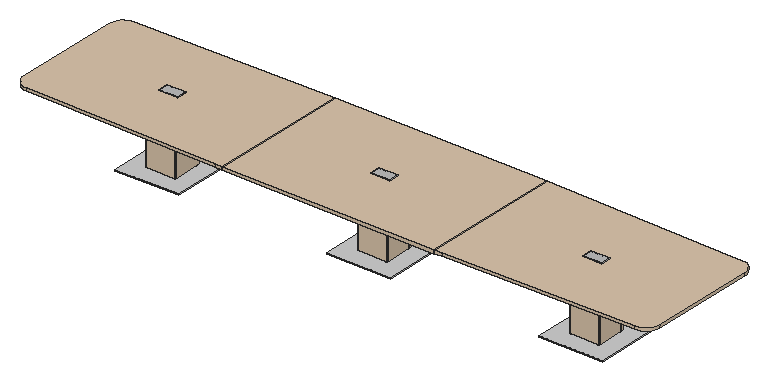
Revit family "Haworth_Planes_ColumnBaseConferenceTable_HexagonThreePiece", category Furniture Systems, Revit 2018
Family settings
  Round Connector Dimension = Use Diameter
  Part Type = Normal
  OmniClass Number = 23.40.70.14.64.21
  OmniClass Title = Systems Furniture
  Work Plane-Based = No
  Always vertical = Yes
  Cut with Voids When Loaded = No
  Shared = No
  Room Calculation Point = No
Parameters (values of type "270w 60d")
  Worksurface Finish [instance] = Haworth _ Laminate _ Maple H-AE
  Worksurface Edge Finish [instance] = Haworth _ Laminate _ Maple H-AE
  Width = 270"
  Warranty = "http://www.haworth.com/resources/product-info/warranties"
  URL - Product = "http://www.haworth.com/products/tables/conference/planes"
  Trim Finish = Haworth _ Laminate _ Maple H-AE
  Sustainability Info = "https://www.haworth.com/company-info/sustainability"
  Opening Single Wide = no
  Opening Single = not(or(Opening Single Wide, Opening Double, Opening Double Wide))  # yes
  Opening Left/Right = not(Opening Center)  # no
  Opening Double Wide = no
  Opening Double = no
  Opening Center = yes
  Model = "TARX"  # constant formula
  Min. Depth = 42"  # constant formula
  Max. Depth = 60"  # constant formula
  URL = "www.haworth.com"
  Support Height = Actual Height - Table Thickness  # 27 13/16"
  Size [instance] = "Verify Final Dim. w/ Haworth"  # constant formula
  Revision Number = "1"  # constant formula
  Min/Max Width = "186-270 @ 6 in. increments"  # constant formula
  Standard Height = "21, 29, 41 in."  # constant formula
  Min. Width = 186"  # constant formula
  Max. Width = 270"  # constant formula
  Min. Height = 21"  # constant formula
  Max. Height = 41"  # constant formula
  Manufacturer = "Haworth"  # constant formula
  Third Width = Actual Width / 6  # 45"
  Knife Edge = not(Edgeband)  # no
  Height = 29"
  Fliptop Width = Cutout Width + 1/4"  # 8 1/4"
  Fliptop Side Vis. = and(Flip Top, [Opening Left/Right])  # no
  Fliptop Depth = Cutout Depth + 3/8"  # 4 3/8"
  Fliptop Center Vis. = and(Flip Top, Opening Center)  # yes
  Flip Top Finish = Haworth _ Paint _ Metallic Champagne
  Flip Top = yes
  Edgeband = yes
  Description = "Haworth - Planes Column Base Conference Table - Hexagon Three Piece"  # constant formula
  Depth = 60"
  Cutout Width = if(or(Opening Single Wide, Opening Double Wide), 11", 8")  # 8"
  Cutout Side Offset = Actual Width / 12  # 22 1/2"
  Cutout Depth = if(or(Opening Double, Opening Double Wide), 7 11/16", 4")  # 4"
  Cutout = yes
  Custom Size = not(and(or(Depth = 42", Depth = 48", Depth = 54", Depth = 60"), or(Width = 186", Width = 192", Width = 198", Width = 204", Width = 210", Width = 216", Width = 222", Width = 228", Width = 234", Width = 240", Width = 246", Width = 252", Width = 258", Width = 264", Width = 270")))  # no
  Base Finish = Haworth _ Metal _ Brushed Aluminum
  Author = "Haworth (Alias)"  # constant formula
  Assembly Code = "E2020200"
  Actual Width = if(Width > Max. Width, Max. Width, if(Width < Min. Width, Min. Width, Width))  # 270"
  Actual Height = if(Height > Max. Height, Max. Height, if(Height < Min. Height, Min. Height, Height))  # 29"
  Table Thickness = 1 3/16"  # constant formula
  Standard Depths = "42, 48, 54, 60 in."  # constant formula
  Actual Depth = if(Depth > Max. Depth, Max. Depth, if(Depth < Min. Depth, Min. Depth, Depth))  # 60"
Reference planes (in)
  plane 1 "Center F/B": y = 8.84134
  plane 2 "Floor": z = 0
  plane 3 "Center L/R": x = 0
  plane 4 "Table Edge Left": x = -135
  plane 5 "Table Edge Right": x = 135
  plane 6 "Table Edge Back": y = -21.15866
  plane 7 "Table Edge Front": y = 38.84134
  plane 8 "Table Top": z = 29
  plane 9 "masking region": z = 27
  plane 10 "Left Middle Support": x = -90
  plane 11 "Right Middle Support": x = 90
  plane 12: z = 27.8125
  plane 13 "Left Seam": x = -45
  plane 14 "Right Seam": x = 45
  plane 15 "Fliptop Left 1": x = -112.5
  plane 16 "Fliptop Left2": x = -67.5
  plane 17 "Fliptop Left 3": x = -22.5
  plane 18 "Fliptop Right 3": x = 22.5
  plane 19 "Fliptop Right 2": x = 67.5
  plane 20 "Fliptop Right 1": x = 112.5
Dimensions and locks (in)
  "Actual Depth": plane 7 "Table Edge Front" to plane 6 "Table Edge Back"
  "Actual Width": plane 4 "Table Edge Left" to plane 5 "Table Edge Right"
  "Actual Height": plane 8 "Table Top" to level
  "Table Thickness": plane 8 "Table Top" to plane 12
  equal spacing: plane 4 "Table Edge Left", plane 10 "Left Middle Support", plane 13 "Left Seam", plane 3 "Center L/R", plane 14 "Right Seam", plane 11 "Right Middle Support", plane 5 "Table Edge Right"
  equal spacing: plane 7 "Table Edge Front", plane 1 "Center F/B", plane 6 "Table Edge Back"
  "Cutout Side Offset": plane 14 "Right Seam" to plane 19 "Fliptop Right 2"
  "Cutout Side Offset": plane 18 "Fliptop Right 3" to plane 14 "Right Seam"
  "Cutout Side Offset": plane 13 "Left Seam" to plane 17 "Fliptop Left 3"
  "Cutout Side Offset": plane 16 "Fliptop Left2" to plane 13 "Left Seam"
  "Cutout Side Offset": plane 4 "Table Edge Left" to plane 15 "Fliptop Left 1"
  "Cutout Side Offset": plane 20 "Fliptop Right 1" to plane 5 "Table Edge Right"
  aligned and locked: plane 20 "Fliptop Right 1" to nested 3
  aligned and locked: plane 1 "Center F/B" to nested 3
  aligned and locked: nested 2 to plane 11 "Right Middle Support"
  aligned and locked: plane 1 "Center F/B" to nested 2
  aligned and locked: nested 4 to plane 19 "Fliptop Right 2"
  aligned and locked: plane 1 "Center F/B" to nested 4
  aligned and locked: plane 1 "Center F/B" to nested 5
  aligned and locked: plane 18 "Fliptop Right 3" to nested 5
  aligned and locked: plane 3 "Center L/R" to nested 6
  aligned and locked: plane 1 "Center F/B" to nested 6
  aligned and locked: plane 17 "Fliptop Left 3" to nested 7
  aligned and locked: plane 1 "Center F/B" to nested 7
  aligned and locked: plane 16 "Fliptop Left2" to nested 8
  aligned and locked: plane 1 "Center F/B" to nested 8
  aligned and locked: plane 10 "Left Middle Support" to nested 9
  aligned and locked: plane 1 "Center F/B" to nested 9
  aligned and locked: nested 10 to plane 15 "Fliptop Left 1"
  aligned and locked: plane 1 "Center F/B" to nested 10
  aligned and locked: nested 1 to plane 3 "Center L/R"
  aligned and locked: plane 1 "Center F/B" to nested 1
  aligned and locked: nested 1 to plane 2 "Floor"
  aligned and locked: plane 2 "Floor" to nested 11
  aligned and locked: plane 2 "Floor" to nested 13
  aligned and locked: plane 2 "Floor" to nested 12
  aligned and locked: plane 1 "Center F/B" to nested 11
  aligned and locked: nested 11 to plane 11 "Right Middle Support"
  aligned and locked: plane 3 "Center L/R" to nested 12
  aligned and locked: plane 1 "Center F/B" to nested 12
  aligned and locked: plane 10 "Left Middle Support" to nested 13
  aligned and locked: plane 1 "Center F/B" to nested 13
Nested families (in)
  nested 1: "Haworth_Planes_Conference_Worksurface_HexagonThreePiece_Part" at (45, -6.15866, 0), type "Worksurface"
    with Opening Side Vis. no, Opening Left/Right no, Knife Edge no, Cutout Side Dimension 1"
  nested 2: "Haworth_Worksurface_FlipTop_Unit_Part" at (89.42963, 8.78886, 29), built-in parameter 1001364 <- "Actual Height", visible <- "Fliptop Center Vis.", type "Flip Top"
  nested 3: "Haworth_Worksurface_FlipTop_Unit_Part" at (111.92963, 8.78886, 29), built-in parameter 1001364 <- "Actual Height", visible <- "Fliptop Side Vis.", type "Flip Top"
  nested 4: "Haworth_Worksurface_FlipTop_Unit_Part" at (66.92963, 8.78886, 29), built-in parameter 1001364 <- "Actual Height", visible <- "Fliptop Side Vis.", type "Flip Top"
  nested 5: "Haworth_Worksurface_FlipTop_Unit_Part" at (21.92963, 8.78886, 29), built-in parameter 1001364 <- "Actual Height", visible <- "Fliptop Side Vis.", type "Flip Top"
  nested 6: "Haworth_Worksurface_FlipTop_Unit_Part" at (-0.57037, 8.78886, 29), built-in parameter 1001364 <- "Actual Height", visible <- "Fliptop Center Vis.", type "Flip Top"
  nested 7: "Haworth_Worksurface_FlipTop_Unit_Part" at (-23.07037, 8.78886, 29), built-in parameter 1001364 <- "Actual Height", visible <- "Fliptop Side Vis.", type "Flip Top"
  nested 8: "Haworth_Worksurface_FlipTop_Unit_Part" at (-68.07037, 8.78886, 29), built-in parameter 1001364 <- "Actual Height", visible <- "Fliptop Side Vis.", type "Flip Top"
  nested 9: "Haworth_Worksurface_FlipTop_Unit_Part" at (-90.57037, 8.78886, 29), built-in parameter 1001364 <- "Actual Height", visible <- "Fliptop Center Vis.", type "Flip Top"
  nested 10: "Haworth_Worksurface_FlipTop_Unit_Part" at (-113.07037, 8.78886, 29), built-in parameter 1001364 <- "Actual Height", visible <- "Fliptop Side Vis.", type "Flip Top"
  nested 11: "Haworth_Planes_ColumnBase_Part" at (90, 5.21634, 0), type "Square"
    with Actual Height 27 13/16"
  nested 12: "Haworth_Planes_ColumnBase_Part" at (0, 5.21634, 0), type "Square"
    with Actual Height 27 13/16"
  nested 13: "Haworth_Planes_ColumnBase_Part" at (-90, 5.21634, 0), type "Square"
    with Actual Height 27 13/16"
Definition of nested family "Haworth_Planes_Conference_Worksurface_HexagonThreePiece_Part"
  Parameters (values of type "Worksurface")
    Warranty = "https://www.haworth.com/resources/product-info/warranties"
    URL - Product = "https://www.haworth.com/products/tables/conference/planes"
    URL = "www.haworth.com"
    Table Thickness = 1 3/16"  # constant formula
    Table Finish = none
    Table Edge Finish = none
    Side Cutout Offset = Actual Width / 12  # 22 1/2"
    Revision Number = ""
    Opening Side Vis. = and(Cutout, [Opening Left/Right])  # yes
    Opening Left/Right = yes
    Opening Center Vis. = and(Cutout, Opening Center)  # yes
    Opening Center = yes
    Note = "Verify Final Dim. w/ Haworth"  # constant formula
    Model = "TARX"  # constant formula
    Manufacturer = "Haworth"  # constant formula
    Knife Edge = yes
    Edgeband = yes
    Description = "Haworth - Planes Conference Worksurface - Part"
    Cutout Width = 8"
    Cutout Side Dimension = if(and(Cutout, [Opening Left/Right]), 3", 1")  # 3"
    Cutout Center Dimension = if(and(Cutout, Opening Center), 3", 1")  # 3"
    Cutout Depth = 4"
    Cutout = yes
    Center Cutout Offset = Actual Width / 6  # 45"
    Author = "Haworth (Alias)"  # constant formula
    Assembly Code = ""
    Actual Width = 270"
    Actual Height = 29"
    Actual Depth = 60"
  Reference planes (in)
    plane 1 "Center F/B": y = 15
    plane 2 "Bottom": z = 0
    plane 3 "Right Flat": x = 0
    plane 4 "Table Front": y = 45
    plane 5 "Table Right": x = 90
    plane 6 "Table Left": x = -180
    plane 7 "Table Back": y = -15
    plane 8 "Table Top": z = 29
    plane 9 "Table Bottom": z = 27.8125
    plane 10 "Cutout Top": z = 30
    plane 11 "Cutout Center Bottom": z = 27
    plane 12 "KnifeEdge Middle": z = 28.625
    plane 13 "Cutout Center": x = -135
    plane 14 "Cutout Left 1": x = -157.5
    plane 15 "Cutout Left 2": x = -112.5
    plane 16 "Cutout Right 2": x = 22.5
    plane 17 "Cutout Center 2": x = 45
    plane 18 "Cutout Right 1": x = 67.5
    plane 19 "Cutout Side Bottom": z = 27
    plane 20 "Left Flat": x = -90
    plane 21 "Center L/R": x = -45
    plane 22 "Cutout Left 3": x = -67.5
    plane 23 "Cutout Right 3": x = -22.5
  Forms (in)
    Extrusion 1, solid, material <- "Table Finish", visible <- "Edgeband"
      sketch origin (0, 0, 0) x (1, 0, 0) y (0, 1, 0)
        loop
          line (90, -7.45259) -> (90, 37.45259)
          arc (90, 37.45259) -> (88.3202, 41.61623) -> (84.22137, 43.44851) r 6
          line (84.22137, 43.44851) -> (3.27451, 44.91058)
          arc (3.27451, 44.91058) -> (1.63787, 44.97764) -> (0, 45) r 60
          line (0, 45) -> (0, -15)
          arc (0, -15) -> (1.63787, -14.97764) -> (3.27451, -14.91058) r 60
          line (3.27451, -14.91058) -> (84.22137, -13.44851)
          arc (84.22137, -13.44851) -> (88.3202, -11.61623) -> (90, -7.45259) r 6
      from 27.8125 to 29
    Extrusion 2, void
      sketch origin (-90, 0, 29) x (-1, 0, 0) y (0, -1, 0)
        loop
          line (49, -17) -> (49, -13) -> (41, -13) -> (41, -17) -> (49, -17)
        loop
          line (-41, -17) -> (-41, -13) -> (-49, -13) -> (-49, -17) -> (-41, -17)
        loop
          line (-131, -17) -> (-131, -13) -> (-139, -13) -> (-139, -17) -> (-131, -17)
      from -2 to 1
    Extrusion 3, solid, material <- "Table Finish", visible <- "Knife Edge"
      sketch origin (0, 0, 0) x (1, 0, 0) y (0, 1, 0)
        loop
          line (90, -7.45259) -> (90, 37.45259)
          arc (90, 37.45259) -> (88.3202, 41.61623) -> (84.22137, 43.44851) r 6
          line (84.22137, 43.44851) -> (3.27451, 44.91058)
          arc (3.27451, 44.91058) -> (1.63787, 44.97764) -> (0, 45) r 60
          line (0, 45) -> (0, -15)
          arc (0, -15) -> (1.63787, -14.97764) -> (3.27451, -14.91058) r 60
          line (3.27451, -14.91058) -> (84.22137, -13.44851)
          arc (84.22137, -13.44851) -> (88.3202, -11.61623) -> (90, -7.45259) r 6
      from 28.625 to 29
    Blend 4, solid, material <- "Table Finish", visible <- "Knife Edge"
      base sketch origin (0, 0, 0) x (1, 0, 0) y (0, 1, 0)
        loop
          arc (0, -12.97661) -> (1.6121, -12.95419) -> (3.22295, -12.88695) r 57.97661
          line (3.22295, -12.88695) -> (84.29226, -11.44453)
          arc (84.29226, -11.44453) -> (86.92994, -10.17836) -> (88, -7.45522) r 4
          line (88, -7.45522) -> (88, 37.45522)
          arc (88, 37.45522) -> (86.92994, 40.17836) -> (84.29226, 41.44453) r 4
          line (84.29226, 41.44453) -> (3.22295, 42.88695)
          arc (3.22295, 42.88695) -> (1.6121, 42.95419) -> (0, 42.97661) r 57.97661
          line (0, 42.97661) -> (0, -12.97661)
      top sketch origin (0, 0, 0) x (1, 0, 0) y (0, 1, 0)
        loop
          arc (90, 37.45522) -> (88.3813, 41.55451) -> (84.3986, 43.44196) r 6
          line (84.3986, 43.44196) -> (3.27593, 44.9105)
          arc (3.27593, 44.9105) -> (1.63858, 44.97762) -> (0, 45) r 60
          line (0, 45) -> (0, -15)
          arc (0, -15) -> (1.63858, -14.97762) -> (3.27593, -14.9105) r 60
          line (3.27593, -14.9105) -> (84.3986, -13.44196)
          arc (84.3986, -13.44196) -> (88.3813, -11.55451) -> (90, -7.45522) r 6
          line (90, -7.45522) -> (90, 37.45522)
      from 27.8125 to 28.625
    Extrusion 5, void
      sketch origin (-90, 0, 0) x (1, 0, 0) y (0, 1, 0)
        loop
          line (-71.5, 17) -> (-71.5, 13) -> (-63.5, 13) -> (-63.5, 17) -> (-71.5, 17)
        loop
          line (-26.5, 17) -> (-26.5, 13) -> (-18.5, 13) -> (-18.5, 17) -> (-26.5, 17)
        loop
          line (18.5, 17) -> (18.5, 13) -> (26.5, 13) -> (26.5, 17) -> (18.5, 17)
        loop
          line (63.5, 17) -> (63.5, 13) -> (71.5, 13) -> (71.5, 17) -> (63.5, 17)
        loop
          line (108.5, 17) -> (108.5, 13) -> (116.5, 13) -> (116.5, 17) -> (108.5, 17)
        loop
          line (153.5, 17) -> (153.5, 13) -> (161.5, 13) -> (161.5, 17) -> (153.5, 17)
      from 27 to 30
    Extrusion 6, solid, material <- "Table Finish", visible <- "Knife Edge"
      sketch origin (-90, 0, 0) x (-1, 0, 0) y (0, -1, 0)
        loop
          arc (90, 7.45259) -> (88.3202, 11.61623) -> (84.22137, 13.44851) r 6
          line (84.22137, 13.44851) -> (3.27451, 14.91058)
          arc (3.27451, 14.91058) -> (1.63787, 14.97764) -> (0, 15) r 60
          line (0, 15) -> (0, -45)
          arc (0, -45) -> (1.63787, -44.97764) -> (3.27451, -44.91058) r 60
          line (3.27451, -44.91058) -> (84.22137, -43.44851)
          arc (84.22137, -43.44851) -> (88.3202, -41.61623) -> (90, -37.45259) r 6
          line (90, -37.45259) -> (90, 7.45259)
      from 28.625 to 29
    Extrusion 7, solid, material <- "Table Finish", visible <- "Edgeband"
      sketch origin (-90, 0, 0) x (-1, 0, 0) y (0, -1, 0)
        loop
          arc (90, 7.45259) -> (88.3202, 11.61623) -> (84.22137, 13.44851) r 6
          line (84.22137, 13.44851) -> (3.27451, 14.91058)
          arc (3.27451, 14.91058) -> (1.63787, 14.97764) -> (0, 15) r 60
          line (0, 15) -> (0, -45)
          arc (0, -45) -> (1.63787, -44.97764) -> (3.27451, -44.91058) r 60
          line (3.27451, -44.91058) -> (84.22137, -43.44851)
          arc (84.22137, -43.44851) -> (88.3202, -41.61623) -> (90, -37.45259) r 6
          line (90, -37.45259) -> (90, 7.45259)
      from 27.8125 to 29
    Blend 8, solid, material <- "Table Finish", visible <- "Knife Edge"
      base sketch origin (-90, 0, 0) x (-1, 0, 0) y (0, -1, 0)
        loop
          line (0, 12.97661) -> (0, -42.97661)
          arc (0, -42.97661) -> (1.6121, -42.95419) -> (3.22295, -42.88695) r 57.97661
          line (3.22295, -42.88695) -> (84.29226, -41.44453)
          arc (84.29226, -41.44453) -> (86.92994, -40.17836) -> (88, -37.45522) r 4
          line (88, -37.45522) -> (88, 7.45522)
          arc (88, 7.45522) -> (86.92994, 10.17836) -> (84.29226, 11.44453) r 4
          line (84.29226, 11.44453) -> (3.22295, 12.88695)
          arc (3.22295, 12.88695) -> (1.6121, 12.95419) -> (0, 12.97661) r 57.97661
      top sketch origin (-90, 0, 0) x (-1, 0, 0) y (0, -1, 0)
        loop
          line (90, -37.45522) -> (90, 7.45522)
          arc (90, 7.45522) -> (88.3813, 11.55451) -> (84.3986, 13.44196) r 6
          line (84.3986, 13.44196) -> (3.27593, 14.9105)
          arc (3.27593, 14.9105) -> (1.63858, 14.97762) -> (0, 15) r 60
          line (0, 15) -> (0, -45)
          arc (0, -45) -> (1.63858, -44.97762) -> (3.27593, -44.9105) r 60
          line (3.27593, -44.9105) -> (84.3986, -43.44196)
          arc (84.3986, -43.44196) -> (88.3813, -41.55451) -> (90, -37.45522) r 6
      from 27.8125 to 28.625
    Extrusion 9, solid, material <- "Table Finish", visible <- "Edgeband"
      sketch origin (0, 0, 0) x (1, 0, 0) y (0, 1, 0)
        loop
          line (-90, 45) -> (-90, -15) -> (0, -15) -> (0, 45) -> (-90, 45)
      from 27.8125 to 29
    Extrusion 10, solid, material <- "Table Finish", visible <- "Knife Edge"
      sketch origin (0, 0, 0) x (1, 0, 0) y (0, 1, 0)
        loop
          line (-90, 45) -> (-90, -15) -> (0, -15) -> (0, 45) -> (-90, 45)
      from 28.625 to 29
    Blend 11, solid, material <- "Table Finish", visible <- "Knife Edge"
      base sketch origin (0, 0, 0) x (1, 0, 0) y (0, 1, 0)
        loop
          line (-90, -13) -> (0, -13) -> (0, 43) -> (-90, 43) -> (-90, -13)
      top sketch origin (0, 0, 0) x (1, 0, 0) y (0, 1, 0)
        loop
          line (-90, 45) -> (-90, -15) -> (0, -15) -> (0, 45) -> (-90, 45)
      from 27.8125 to 28.625
  Cuts and joins
    Extrusion 2, Extrusion 5 cuts Extrusion 1
    Extrusion 2, Extrusion 5 cuts Extrusion 3
    Extrusion 2, Extrusion 5 cuts Blend 4
    Extrusion 2, Extrusion 5 cuts Extrusion 9
    Extrusion 2, Extrusion 5 cuts Extrusion 10
    Extrusion 2, Extrusion 5 cuts Blend 11
    Extrusion 2, Extrusion 5 cuts Extrusion 7
    Extrusion 2, Extrusion 5 cuts Extrusion 6
    Extrusion 2, Extrusion 5 cuts Blend 8
  Lines and regions (in)
    Masking region 1
      outline origin (0, 0, 0) x (1, 0, 0) y (0, 1, 0)
        loop
          arc (-174.22137, 43.44851) -> (-178.3202, 41.61623) -> (-180, 37.45259) r 6
          line (-180, 37.45259) -> (-180, -7.45259)
          arc (-180, -7.45259) -> (-178.3202, -11.61623) -> (-174.22137, -13.44851) r 6
          line (-174.22137, -13.44851) -> (-93.27451, -14.91058)
          arc (-93.27451, -14.91058) -> (-91.63787, -14.97764) -> (-90, -15) r 60
          line (-90, -15) -> (0, -15)
          arc (0, -15) -> (1.63787, -14.97764) -> (3.27451, -14.91058) r 60
          line (3.27451, -14.91058) -> (84.22137, -13.44851)
          arc (84.22137, -13.44851) -> (88.3202, -11.61623) -> (90, -7.45259) r 6
          line (90, -7.45259) -> (90, 37.45259)
          arc (90, 37.45259) -> (88.3202, 41.61623) -> (84.22137, 43.44851) r 6
          line (84.22137, 43.44851) -> (3.27451, 44.91058)
          arc (3.27451, 44.91058) -> (1.63787, 44.97764) -> (0, 45) r 60
          line (0, 45) -> (-90, 45)
          arc (-90, 45) -> (-91.63787, 44.97764) -> (-93.27451, 44.91058) r 60
          line (-93.27451, 44.91058) -> (-174.22137, 43.44851)
    symbolic lines
      curve 1: line (-90, 45, 0) -> (-90, -15, 0)
      curve 38: line (0, 45, 0) -> (0, -15, 0)
    symbolic lines, visible <- "Opening Side Vis."
      curve 2: line (-153.5, 17, 0) -> (-153.5, 13, 0)
      curve 3: line (-153.5, 13, 0) -> (-161.5, 13, 0)
      curve 4: line (-161.5, 13, 0) -> (-161.5, 17, 0)
      curve 5: line (-161.5, 17, 0) -> (-153.5, 17, 0)
      curve 10: line (-108.5, 13, 0) -> (-116.5, 13, 0)
      curve 11: line (-116.5, 13, 0) -> (-116.5, 17, 0)
      curve 12: line (-116.5, 17, 0) -> (-108.5, 17, 0)
      curve 13: line (-108.5, 17, 0) -> (-108.5, 13, 0)
      curve 14: line (-63.5, 13, 0) -> (-71.5, 13, 0)
      curve 15: line (-71.5, 13, 0) -> (-71.5, 17, 0)
      curve 16: line (-71.5, 17, 0) -> (-63.5, 17, 0)
      curve 17: line (-63.5, 17, 0) -> (-63.5, 13, 0)
      curve 22: line (-18.5, 13, 0) -> (-26.5, 13, 0)
      curve 23: line (-26.5, 13, 0) -> (-26.5, 17, 0)
      curve 24: line (-26.5, 17, 0) -> (-18.5, 17, 0)
      curve 25: line (-18.5, 17, 0) -> (-18.5, 13, 0)
      curve 26: line (26.5, 13, 0) -> (18.5, 13, 0)
      curve 27: line (18.5, 13, 0) -> (18.5, 17, 0)
      curve 28: line (18.5, 17, 0) -> (26.5, 17, 0)
      curve 29: line (26.5, 17, 0) -> (26.5, 13, 0)
      curve 34: line (71.5, 13, 0) -> (63.5, 13, 0)
      curve 35: line (63.5, 13, 0) -> (63.5, 17, 0)
      curve 36: line (63.5, 17, 0) -> (71.5, 17, 0)
      curve 37: line (71.5, 17, 0) -> (71.5, 13, 0)
    symbolic lines, visible <- "Opening Center Vis."
      curve 6: line (-131, 13, 0) -> (-139, 13, 0)
      curve 7: line (-139, 13, 0) -> (-139, 17, 0)
      curve 8: line (-139, 17, 0) -> (-131, 17, 0)
      curve 9: line (-131, 17, 0) -> (-131, 13, 0)
      curve 18: line (-41, 13, 0) -> (-49, 13, 0)
      curve 19: line (-49, 13, 0) -> (-49, 17, 0)
      curve 20: line (-49, 17, 0) -> (-41, 17, 0)
      curve 21: line (-41, 17, 0) -> (-41, 13, 0)
      curve 30: line (49, 13, 0) -> (41, 13, 0)
      curve 31: line (41, 13, 0) -> (41, 17, 0)
      curve 32: line (41, 17, 0) -> (49, 17, 0)
      curve 33: line (49, 17, 0) -> (49, 13, 0)
    symbolic lines, visible <- "Knife Edge", detail levels medium+fine
      curve 39: line (-178, -7.45522, 0) -> (-178, 37.45522, 0)
      curve 40: arc (-178, 37.45522, 0) -> (-176.92994, 40.17836, 0) -> (-174.29226, 41.44453, 0) r 4
      curve 41: line (-174.29226, 41.44453, 0) -> (-93.22295, 42.88695, 0)
      curve 42: arc (-93.22295, 42.88695, 0) -> (-91.6121, 42.95419, 0) -> (-90, 42.97661, 0) r 57.97661
      curve 43: arc (-90, -12.97661, 0) -> (-91.6121, -12.95419, 0) -> (-93.22295, -12.88695, 0) r 57.97661
      curve 44: line (-93.22295, -12.88695, 0) -> (-174.29226, -11.44453, 0)
      curve 45: arc (-174.29226, -11.44453, 0) -> (-176.92994, -10.17836, 0) -> (-178, -7.45522, 0) r 4
      curve 46: line (-90, 43, 0) -> (0, 43, 0)
      curve 47: line (0, -13, 0) -> (-90, -13, 0)
      curve 48: arc (88, -7.45522, 0) -> (86.92994, -10.17836, 0) -> (84.29226, -11.44453, 0) r 4
      curve 49: line (84.29226, -11.44453, 0) -> (3.22295, -12.88695, 0)
      curve 50: arc (3.22295, -12.88695, 0) -> (1.6121, -12.95419, 0) -> (0, -12.97661, 0) r 57.97661
      curve 51: arc (0, 42.97661, 0) -> (1.6121, 42.95419, 0) -> (3.22295, 42.88695, 0) r 57.97661
      curve 52: line (3.22295, 42.88695, 0) -> (84.29226, 41.44453, 0)
      curve 53: arc (84.29226, 41.44453, 0) -> (86.92994, 40.17836, 0) -> (88, 37.45522, 0) r 4
      curve 54: line (88, 37.45522, 0) -> (88, -7.45522, 0)
  Dimensions and locks (in)
    "Actual Depth": plane 7 "Table Back" to plane 4 "Table Front"
    equal spacing: plane 4 "Table Front", plane 1 "Center F/B", plane 7 "Table Back"
    "Table Thickness": plane 8 "Table Top" to plane 9 "Table Bottom"
    "Actual Height": plane 8 "Table Top" to level
    "Cutout Center Dimension": plane 10 "Cutout Top" to plane 11 "Cutout Center Bottom"
    locked: plane 10 "Cutout Top" to plane 8 "Table Top" at 1
    locked: plane 8 "Table Top" to plane 12 "KnifeEdge Middle" at 0.375
    "Actual Depth": plane 7 "Table Back" to Extrusion 1 sketch curve
    "Actual Depth": plane 4 "Table Front" to Extrusion 1 sketch curve
    "Actual Depth": plane 7 "Table Back" to Extrusion 3 sketch curve
    "Actual Depth": plane 4 "Table Front" to Extrusion 3 sketch curve
    locked: Blend 4 sketch curve to plane 5 "Table Right" at 2
    "Actual Depth": plane 7 "Table Back" to Blend 4 sketch curve  (x2)
    "Actual Depth": plane 4 "Table Front" to Blend 4 sketch curve  (x2)
    "Cutout Width": Extrusion 2 sketch curve to Extrusion 2 sketch curve  (x3)
    "Cutout Depth": Extrusion 2 sketch curve to Extrusion 2 sketch curve  (x3)
    equal spacing: Extrusion 2 sketch curve, plane 1 "Center F/B", Extrusion 2 sketch curve  (x3)
    equal spacing: Extrusion 2 sketch curve, plane 13 "Cutout Center", Extrusion 2 sketch curve
    "Center Cutout Offset": plane 3 "Right Flat" to plane 17 "Cutout Center 2"
    "Side Cutout Offset": plane 3 "Right Flat" to plane 16 "Cutout Right 2"
    "Side Cutout Offset": plane 18 "Cutout Right 1" to plane 5 "Table Right"
    "Cutout Side Dimension": plane 10 "Cutout Top" to plane 19 "Cutout Side Bottom"
    equal spacing: Extrusion 5 sketch curve, plane 1 "Center F/B", Extrusion 5 sketch curve  (x6)
    "Cutout Depth": Extrusion 5 sketch curve to Extrusion 5 sketch curve  (x6)
    equal spacing: Extrusion 5 sketch curve, plane 14 "Cutout Left 1", Extrusion 5 sketch curve
    "Cutout Width": Extrusion 5 sketch curve to Extrusion 5 sketch curve  (x6)
    equal spacing: Extrusion 5 sketch curve, plane 15 "Cutout Left 2", Extrusion 5 sketch curve
    equal spacing: plane 6 "Table Left", plane 20 "Left Flat", plane 3 "Right Flat", plane 5 "Table Right"
    equal spacing: plane 6 "Table Left", plane 21 "Center L/R", plane 5 "Table Right"
    "Actual Width": plane 6 "Table Left" to plane 5 "Table Right"
    "Actual Depth": plane 4 "Table Front" to Extrusion 6 sketch curve
    "Actual Depth": plane 7 "Table Back" to Extrusion 6 sketch curve
    "Actual Depth": plane 4 "Table Front" to Extrusion 7 sketch curve
    "Actual Depth": plane 7 "Table Back" to Extrusion 7 sketch curve
    "Actual Depth": plane 4 "Table Front" to Blend 8 sketch curve  (x2)
    "Actual Depth": plane 7 "Table Back" to Blend 8 sketch curve  (x2)
    locked: plane 6 "Table Left" to Blend 8 sketch curve at 2
    locked: plane 7 "Table Back" to Blend 11 sketch curve at 2
    locked: plane 4 "Table Front" to Blend 11 sketch curve at 2
    "Center Cutout Offset": plane 13 "Cutout Center" to plane 20 "Left Flat"
    "Side Cutout Offset": plane 15 "Cutout Left 2" to plane 20 "Left Flat"
    "Side Cutout Offset": plane 6 "Table Left" to plane 14 "Cutout Left 1"
    "Side Cutout Offset": plane 23 "Cutout Right 3" to plane 3 "Right Flat"
    "Side Cutout Offset": plane 20 "Left Flat" to plane 22 "Cutout Left 3"
    equal spacing: Extrusion 5 sketch curve, plane 22 "Cutout Left 3", Extrusion 5 sketch curve
    equal spacing: Extrusion 5 sketch curve, plane 23 "Cutout Right 3", Extrusion 5 sketch curve
    equal spacing: Extrusion 5 sketch curve, plane 16 "Cutout Right 2", Extrusion 5 sketch curve
    equal spacing: Extrusion 5 sketch curve, plane 18 "Cutout Right 1", Extrusion 5 sketch curve
    equal spacing: Extrusion 2 sketch curve, plane 21 "Center L/R", Extrusion 2 sketch curve
    equal spacing: Extrusion 2 sketch curve, plane 17 "Cutout Center 2", Extrusion 2 sketch curve
    "Actual Depth": plane 4 "Table Front" to Masking region 1 sketch curve  (x2)
    "Actual Depth": plane 7 "Table Back" to Masking region 1 sketch curve  (x2)
    aligned and locked: plane 8 "Table Top" to Extrusion 1
    aligned and locked: Extrusion 1 to plane 9 "Table Bottom"
    aligned and locked: Extrusion 1 sketch curve to plane 5 "Table Right"
    aligned and locked: Extrusion 2 to plane 11 "Cutout Center Bottom"
    aligned and locked: Extrusion 2 to plane 10 "Cutout Top"
    aligned and locked: Extrusion 3 sketch curve to plane 5 "Table Right"
    aligned and locked: plane 8 "Table Top" to Extrusion 3
    aligned and locked: plane 12 "KnifeEdge Middle" to Extrusion 3
    aligned and locked: Blend 4 sketch curve to plane 5 "Table Right"
    aligned and locked: Blend 4 to plane 12 "KnifeEdge Middle"
    aligned and locked: Blend 4 to plane 9 "Table Bottom"
    aligned and locked: Extrusion 1 sketch curve to plane 3 "Right Flat"
    aligned and locked: Extrusion 3 sketch curve to plane 3 "Right Flat"
    aligned and locked: Blend 4 sketch curve to plane 3 "Right Flat"  (x2)
    aligned and locked: Extrusion 5 to plane 10 "Cutout Top"
    aligned and locked: Extrusion 5 to plane 19 "Cutout Side Bottom"
    aligned and locked: plane 6 "Table Left" to Extrusion 6 sketch curve
    aligned and locked: plane 20 "Left Flat" to Extrusion 6 sketch curve
    aligned and locked: plane 6 "Table Left" to Extrusion 7 sketch curve
    aligned and locked: plane 20 "Left Flat" to Extrusion 7 sketch curve
    aligned and locked: plane 20 "Left Flat" to Blend 8 sketch curve  (x2)
    aligned and locked: plane 6 "Table Left" to Blend 8 sketch curve
    aligned and locked: Extrusion 9 sketch curve to plane 7 "Table Back"
    aligned and locked: Extrusion 9 sketch curve to plane 4 "Table Front"
    aligned and locked: Extrusion 9 sketch curve to plane 20 "Left Flat"
    aligned and locked: Extrusion 9 sketch curve to plane 3 "Right Flat"
    aligned and locked: plane 8 "Table Top" to Extrusion 9
    aligned and locked: Extrusion 9 to plane 9 "Table Bottom"
    aligned and locked: Extrusion 10 sketch curve to plane 3 "Right Flat"
    aligned and locked: Extrusion 10 sketch curve to plane 20 "Left Flat"
    aligned and locked: Extrusion 10 sketch curve to plane 4 "Table Front"
    aligned and locked: Extrusion 10 sketch curve to plane 7 "Table Back"
    aligned and locked: plane 8 "Table Top" to Extrusion 10
    aligned and locked: plane 12 "KnifeEdge Middle" to Extrusion 10
    aligned and locked: Blend 11 sketch curve to plane 20 "Left Flat"  (x2)
    aligned and locked: Blend 11 sketch curve to plane 3 "Right Flat"  (x2)
    aligned and locked: Blend 11 sketch curve to plane 7 "Table Back"
    aligned and locked: Blend 11 sketch curve to plane 4 "Table Front"
    aligned and locked: Blend 11 to plane 12 "KnifeEdge Middle"
    aligned and locked: Blend 11 to plane 9 "Table Bottom"
    aligned and locked: Extrusion 7 to Blend 8
    aligned and locked: plane 8 "Table Top" to Extrusion 7
    aligned and locked: Extrusion 7 to plane 9 "Table Bottom"
    aligned and locked: plane 8 "Table Top" to Extrusion 6
    aligned and locked: plane 12 "KnifeEdge Middle" to Extrusion 6
    aligned and locked: Blend 8 to plane 12 "KnifeEdge Middle"
    aligned and locked: Blend 8 to plane 9 "Table Bottom"
    aligned and locked: curve 2 to cut or joined group of Extrusion 2, Extrusion 5, Extrusion 7
    aligned and locked: curve 3 to cut or joined group of Extrusion 2, Extrusion 5, Extrusion 7
    aligned and locked: curve 4 to cut or joined group of Extrusion 2, Extrusion 5, Extrusion 7
    aligned and locked: curve 5 to cut or joined group of Extrusion 2, Extrusion 5, Extrusion 7
    aligned and locked: curve 6 to cut or joined group of Extrusion 2, Extrusion 5, Extrusion 6
    aligned and locked: curve 7 to cut or joined group of Extrusion 2, Extrusion 5, Extrusion 6
    aligned and locked: curve 8 to cut or joined group of Extrusion 2, Extrusion 5, Extrusion 6
    aligned and locked: curve 9 to cut or joined group of Extrusion 2, Extrusion 5, Extrusion 6
    aligned and locked: curve 10 to cut or joined group of Extrusion 2, Extrusion 5, Extrusion 6
    aligned and locked: curve 11 to cut or joined group of Extrusion 2, Extrusion 5, Extrusion 6
    aligned and locked: curve 12 to cut or joined group of Extrusion 2, Extrusion 5, Extrusion 6
    aligned and locked: curve 13 to cut or joined group of Extrusion 2, Extrusion 5, Extrusion 6
    aligned and locked: curve 14 to cut or joined group of Extrusion 2, Extrusion 5, Extrusion 10
    aligned and locked: curve 15 to cut or joined group of Extrusion 2, Extrusion 5, Extrusion 10
    aligned and locked: curve 16 to cut or joined group of Extrusion 2, Extrusion 5, Extrusion 10
    aligned and locked: curve 17 to cut or joined group of Extrusion 2, Extrusion 5, Extrusion 10
    aligned and locked: curve 18 to cut or joined group of Extrusion 2, Extrusion 5, Extrusion 10
    aligned and locked: curve 19 to cut or joined group of Extrusion 2, Extrusion 5, Extrusion 10
    aligned and locked: curve 20 to cut or joined group of Extrusion 2, Extrusion 5, Extrusion 10
    aligned and locked: curve 21 to cut or joined group of Extrusion 2, Extrusion 5, Extrusion 10
    aligned and locked: curve 22 to cut or joined group of Extrusion 2, Extrusion 5, Extrusion 10
    aligned and locked: curve 23 to cut or joined group of Extrusion 2, Extrusion 5, Extrusion 10
    aligned and locked: curve 24 to cut or joined group of Extrusion 2, Extrusion 5, Extrusion 10
    aligned and locked: curve 25 to cut or joined group of Extrusion 2, Extrusion 5, Extrusion 10
    aligned and locked: curve 26 to cut or joined group of Extrusion 2, Extrusion 3, Extrusion 5
    aligned and locked: curve 27 to cut or joined group of Extrusion 2, Extrusion 3, Extrusion 5
    aligned and locked: curve 28 to cut or joined group of Extrusion 2, Extrusion 3, Extrusion 5
    aligned and locked: curve 29 to cut or joined group of Extrusion 2, Extrusion 3, Extrusion 5
    aligned and locked: curve 30 to cut or joined group of Extrusion 2, Extrusion 3, Extrusion 5
    aligned and locked: curve 31 to cut or joined group of Extrusion 2, Extrusion 3, Extrusion 5
    aligned and locked: curve 32 to cut or joined group of Extrusion 2, Extrusion 3, Extrusion 5
    aligned and locked: curve 33 to cut or joined group of Extrusion 2, Extrusion 3, Extrusion 5
    aligned and locked: curve 34 to cut or joined group of Extrusion 2, Extrusion 3, Extrusion 5
    aligned and locked: curve 35 to cut or joined group of Extrusion 2, Extrusion 3, Extrusion 5
    aligned and locked: curve 36 to cut or joined group of Extrusion 2, Extrusion 3, Extrusion 5
    aligned and locked: curve 37 to cut or joined group of Extrusion 2, Extrusion 3, Extrusion 5
    aligned and locked: cut or joined group of Extrusion 2, Extrusion 5, Blend 8 to plane 20 "Left Flat"
    aligned and locked: plane 7 "Table Back" to Masking region 1 sketch curve
    aligned and locked: Masking region 1 sketch curve to plane 4 "Table Front"
    aligned and locked: Masking region 1 sketch curve to plane 6 "Table Left"
    aligned and locked: Masking region 1 sketch curve to plane 5 "Table Right"
    aligned and locked: plane 3 "Right Flat" to cut or joined group of Extrusion 2, Extrusion 5, Extrusion 10
    aligned and locked: curve 38 to plane 3 "Right Flat"
    aligned and locked: plane 20 "Left Flat" to curve 1
    aligned and locked: curve 40 to cut or joined group of Extrusion 2, Extrusion 5, Blend 8
    aligned and locked: curve 41 to cut or joined group of Extrusion 2, Extrusion 5, Blend 8
    aligned and locked: curve 42 to cut or joined group of Extrusion 2, Extrusion 5, Blend 8
    aligned and locked: curve 43 to cut or joined group of Extrusion 2, Extrusion 5, Blend 8
    aligned and locked: curve 44 to cut or joined group of Extrusion 2, Extrusion 5, Blend 8
    aligned and locked: curve 45 to cut or joined group of Extrusion 2, Extrusion 5, Blend 8
    aligned and locked: curve 46 to cut or joined group of Extrusion 2, Extrusion 5, Blend 11
    aligned and locked: curve 47 to cut or joined group of Extrusion 2, Extrusion 5, Blend 11
    aligned and locked: curve 48 to cut or joined group of Extrusion 2, Blend 4, Extrusion 5
    aligned and locked: curve 49 to cut or joined group of Extrusion 2, Blend 4, Extrusion 5
    aligned and locked: curve 50 to cut or joined group of Extrusion 2, Blend 4, Extrusion 5
    aligned and locked: curve 51 to cut or joined group of Extrusion 2, Blend 4, Extrusion 5
    aligned and locked: curve 52 to cut or joined group of Extrusion 2, Blend 4, Extrusion 5
    aligned and locked: curve 53 to cut or joined group of Extrusion 2, Blend 4, Extrusion 5
  Automatic sketch dimensions
    plane 7 "Table Back" to Extrusion 1 sketch curve = 0"
    Extrusion 1 sketch curve to plane 4 "Table Front" = 0"
    Extrusion 1 sketch curve to plane 7 "Table Back" = 0.08942"
    Extrusion 1 sketch curve to plane 4 "Table Front" = 0.08942"
    plane 5 "Table Right" to Extrusion 1 sketch curve = 6"  (x2)
    Extrusion 1 sketch curve to plane 4 "Table Front" = 1.55149"
    plane 5 "Table Right" to Extrusion 1 sketch curve = 5.77863"  (x2)
    Extrusion 1 sketch curve to plane 7 "Table Back" = 1.55149"
    plane 7 "Table Back" to Extrusion 3 sketch curve = 0"
    Extrusion 3 sketch curve to plane 4 "Table Front" = 0"
    Extrusion 3 sketch curve to plane 7 "Table Back" = 0.08942"
    Extrusion 3 sketch curve to plane 4 "Table Front" = 0.08942"
    Extrusion 3 sketch curve to Extrusion 3 sketch curve = 6"  (x2)
    Extrusion 3 sketch curve to plane 4 "Table Front" = 1.55149"
    plane 5 "Table Right" to Extrusion 3 sketch curve = 5.77863"  (x2)
    Extrusion 3 sketch curve to plane 7 "Table Back" = 1.55149"
    plane 3 "Right Flat" to Blend 4 sketch curve = 3.22295"  (x2)
    Blend 4 sketch curve to Blend 4 sketch curve = 4"  (x2)
    Blend 4 sketch curve to Blend 4 sketch curve = 0.29226"  (x2)
    Blend 4 sketch curve to plane 7 "Table Back" = 2.02339"
    Blend 4 sketch curve to plane 7 "Table Back" = 3.55547"
    Blend 4 sketch curve to plane 4 "Table Front" = 7.54478"
    Blend 4 sketch curve to plane 4 "Table Front" = 2.11305"
    plane 7 "Table Back" to Blend 4 sketch curve = 0"
    Blend 4 sketch curve to plane 4 "Table Front" = 0"
    Blend 4 sketch curve to plane 7 "Table Back" = 0.0895"
    Blend 4 sketch curve to plane 4 "Table Front" = 0.0895"
    Blend 4 sketch curve to Blend 4 sketch curve = 6"  (x2)
    Blend 4 sketch curve to plane 7 "Table Back" = 1.55804"
    plane 5 "Table Right" to Blend 4 sketch curve = 5.6014"  (x2)
    Blend 4 sketch curve to plane 4 "Table Front" = 1.55804"
    plane 7 "Table Back" to Extrusion 6 sketch curve = 0"
    Extrusion 6 sketch curve to plane 4 "Table Front" = 0"
    plane 7 "Table Back" to Extrusion 6 sketch curve = 0.08942"
    plane 4 "Table Front" to Extrusion 6 sketch curve = 0.08942"
    Extrusion 6 sketch curve to Extrusion 6 sketch curve = 6"  (x2)
    plane 4 "Table Front" to Extrusion 6 sketch curve = 1.55149"
    Extrusion 6 sketch curve to plane 6 "Table Left" = 5.77863"  (x2)
    plane 7 "Table Back" to Extrusion 6 sketch curve = 1.55149"
    plane 7 "Table Back" to Extrusion 7 sketch curve = 0"
    Extrusion 7 sketch curve to plane 4 "Table Front" = 0"
    plane 7 "Table Back" to Extrusion 7 sketch curve = 0.08942"
    plane 4 "Table Front" to Extrusion 7 sketch curve = 0.08942"
    Extrusion 7 sketch curve to plane 6 "Table Left" = 6"  (x2)
    plane 4 "Table Front" to Extrusion 7 sketch curve = 1.55149"
    Extrusion 7 sketch curve to plane 6 "Table Left" = 5.77863"  (x2)
    plane 7 "Table Back" to Extrusion 7 sketch curve = 1.55149"
    Blend 8 sketch curve to plane 20 "Left Flat" = 3.22295"  (x2)
    Blend 8 sketch curve to plane 6 "Table Left" = 6"  (x2)
    Blend 8 sketch curve to Blend 8 sketch curve = 0.29226"  (x2)
    plane 7 "Table Back" to Blend 8 sketch curve = 3.55547"
    plane 7 "Table Back" to Blend 8 sketch curve = 2.02339"
    plane 4 "Table Front" to Blend 8 sketch curve = 7.54478"
    plane 4 "Table Front" to Blend 8 sketch curve = 2.11305"
    plane 7 "Table Back" to Blend 8 sketch curve = 0"
    Blend 8 sketch curve to plane 4 "Table Front" = 0"
    plane 7 "Table Back" to Blend 8 sketch curve = 0.0895"
    plane 4 "Table Front" to Blend 8 sketch curve = 0.0895"
    Blend 8 sketch curve to Blend 8 sketch curve = 6"  (x2)
    plane 7 "Table Back" to Blend 8 sketch curve = 1.55804"
    Blend 8 sketch curve to plane 6 "Table Left" = 5.6014"  (x2)
    plane 4 "Table Front" to Blend 8 sketch curve = 1.55804"
    Masking region 1 sketch curve to plane 20 "Left Flat" = 0"  (x2)
    Masking region 1 sketch curve to plane 3 "Right Flat" = 0"  (x2)
    Masking region 1 sketch curve to plane 4 "Table Front" = 1.55149"  (x2)
    plane 6 "Table Left" to Masking region 1 sketch curve = 5.77863"  (x2)
    Masking region 1 sketch curve to plane 7 "Table Back" = 1.55149"  (x2)
    Masking region 1 sketch curve to Masking region 1 sketch curve = 0.22137"  (x2)
    Masking region 1 sketch curve to plane 7 "Table Back" = 0.08942"  (x2)
    Masking region 1 sketch curve to plane 4 "Table Front" = 0.08942"  (x2)
    Masking region 1 sketch curve to Masking region 1 sketch curve = 6"  (x2)
    plane 5 "Table Right" to Masking region 1 sketch curve = 5.77863"  (x2)
    plane 7 "Table Back" to curve 1 = 0"
    plane 7 "Table Back" to curve 38 = 0"
    curve 1 to plane 4 "Table Front" = 0"
    curve 38 to plane 4 "Table Front" = 0"
Definition of nested family "Haworth_Worksurface_FlipTop_Unit_Part"
  Parameters (values of type "Flip Top")
    Warranty = "https://www.haworth.com/resources/product-info/warranties"
    URL - Product = "https://www.haworth.com/products/tables/conference/planes"
    URL = "www.haworth.com"
    Sustainability Info = "https://www.haworth.com/company-info/sustainability"
    Size = "Verify Final Dim. w/ Haworth"  # constant formula
    Revision Number = "2"  # constant formula
    Model = "Haworth_Worksurface-Flip_Top_Unit"  # constant formula
    Manufacturer = "Haworth"  # constant formula
    LEED Data = "www.haworth.com/_layouts/Haworth.ProductCatalog/Handlers/GetAsset.ashx/ComposeLEEDContributions.pdf?cid=27&rid=1824&type=Leed"
    Flip Top Finish = none
    Description = "Haworth Worksurface-Flip Top Unit - Part"
    Default Elevation = 48"
    Author = "Haworth (Alias), SHAPE Environments, LLC"  # constant formula
    Assembly Code = "E2020200"
    Actual Width = 8 1/4"
    Actual Depth = 4 3/8"
  Reference planes (in)
    plane 1 "Center F/B": y = 0.05249
    plane 2: z = 0
    plane 3 "Center L/R": x = 0.57037
    plane 4 "Back": y = 2.23999
    plane 5 "Right": x = 4.69537
    plane 6 "Front": y = -2.13501
    plane 7 "Left": x = -3.55463
    plane 8 "Table Height": z = 0
  Forms (in)
    Extrusion 1, solid, material <- "Flip Top Finish"
      sketch origin (0, 0, 0) x (-1, 0, 0) y (0, -1, 0)
        loop
          line (3.55463, -2.23999) -> (3.55463, 2.13501) -> (-4.69537, 2.13501) -> (-4.69537, -2.23999) -> (3.55463, -2.23999)
      from 0 to 0.125
    Extrusion 2, solid, material <- "Flip Top Finish"
      sketch origin (0, 0, 0) x (-1, 0, 0) y (0, -1, 0)
        loop
          line (3.42963, -2.05249) -> (3.42963, 1.94751) -> (-4.57037, 1.94751) -> (-4.57037, -2.05249) -> (3.42963, -2.05249)
      from 0 to -2.75
  Cuts and joins
    joined: Extrusion 1, Extrusion 2
  Lines and regions (in)
    Masking region 1
      outline origin (0, 0, 0) x (1, 0, 0) y (0, 1, 0)
        loop
          line (-3.55463, 2.23999) -> (-3.55463, -2.13501) -> (4.69537, -2.13501) -> (4.69537, 2.23999) -> (-3.55463, 2.23999)
  Dimensions and locks (in)
    equal spacing: plane 7 "Left", plane 3 "Center L/R", plane 5 "Right"
    "Actual Width": plane 7 "Left" to plane 5 "Right"
    equal spacing: plane 6 "Front", plane 1 "Center F/B", plane 4 "Back"
    "Actual Depth": plane 4 "Back" to plane 6 "Front"
    plane 7 "Left" to Extrusion 2 sketch curve = 1/8"
    plane 4 "Back" to Extrusion 2 sketch curve = 3/16"
    Extrusion 2 sketch curve to plane 5 "Right" = 1/8"
    Extrusion 2 sketch curve to plane 6 "Front" = 3/16"
    locked: plane 8 "Table Height" to level
    aligned and locked: plane 7 "Left" to Extrusion 1 sketch curve
    aligned and locked: Extrusion 1 sketch curve to plane 4 "Back"
    aligned and locked: plane 6 "Front" to Extrusion 1 sketch curve
    aligned and locked: Extrusion 1 sketch curve to plane 5 "Right"
    aligned and locked: Masking region 1 sketch curve to cut or joined group of Extrusion 1, Extrusion 2  (x3)
    aligned and locked: cut or joined group of Extrusion 1, Extrusion 2 to Masking region 1 sketch curve
Definition of nested family "Haworth_Planes_ColumnBase_Part"
  Parameters (values of type "Square")
    Warranty = "http://www.haworth.com/resources/product-info/warranties"
    URL - Product = "http://www.haworth.com/products/tables/conference/planes"
    URL = "www.haworth.com"
    Trim Finish = none
    Top Gap = 1 1/2"  # constant formula
    Sustainability Info = "http://www.haworth.com/company-info/sustainablility"
    Support Finish = none
    Size = "Verify Final Dim. w/ Haworth"  # constant formula
    Revision Number = "2"  # constant formula
    Model = "Haworth - Planes - Enhanced Column Base - LIMITED"  # constant formula
    Min. Height = 27"  # constant formula
    Max. Height = 36"  # constant formula
    Manufacturer = "Haworth"  # constant formula
    Description = "Haworth - Planes - Enhanced Column Base - LIMITED"  # constant formula
    Column Frame Width 9 = no
    Column Frame Width 12 = yes
    Cladding Thickness = 1/8"  # constant formula
    Cladding Square = yes
    Cladding Round = no
    Cladding Radius = 8 1/2"  # constant formula
    Base Plate Square = yes
    Base Plate Round = no
    Base Plate Radius = 15"  # constant formula
    Base Height Offset = 3/8"  # constant formula
    Base Finish = none
    Base Depth Offset = 7 1/8"  # constant formula
    Author = "Haworth (Hampton)"  # constant formula
    Assembly Code = "E2020200"
    Actual Width = 12 3/4"  # constant formula
    Actual Height = 27 3/16"
    Actual Depth = 12 3/4"  # constant formula
  Types (2): name | Cladding Square | Cladding Round | Base Plate Square | Base Plate Round
    Square | yes | no | yes | no
    Round | no | yes | no | yes
  Reference planes (in)
    plane 1 "Center F/B": y = 3.625
    plane 2 "Bottom": z = 0
    plane 3 "Center L/R": x = 0
    plane 4 "Left": x = -6.375
    plane 5 "Right": x = 6.375
    plane 6 "Front": y = -2.75
    plane 7 "Top": z = 27.1875
    plane 8 "Back": y = 10
    plane 9: y = 9.25
    plane 10: x = 5.625
    plane 11: x = -5.625
    plane 12: y = -2
    plane 13 "Panel Top": z = 25.6875
    plane 14 "Base Plate Top": z = 0.375
    plane 15 "Panel Bottom": z = 0.75
    plane 16: x = -6.25
    plane 17: x = 6.25
    plane 18: y = 9.875
    plane 19: y = -2.625
    plane 20 "Plate Back": y = 17.125
    plane 21 "Plate Front": y = -9.875
    plane 22 "Plate Left": x = -13.5
    plane 23 "Plate Right": x = 13.5
    plane 24 "Angel 2": through (6.375, 10, 48) normal (0.7071, -0.7071, 0)
    plane 25 "Angel 1": through (-6.375, 10, 48) normal (0.7071, 0.7071, 0)
    plane 26: through (6.375, -2.75, 48) normal (-0.7071, -0.7071, 0)
    plane 27: through (6.375, 10, 48) normal (0.7071, -0.7071, 0)
    plane 28: through (-6.375, -2.75, 48) normal (-0.7071, 0.7071, 0)
    plane 29: through (6.375, -2.75, 48) normal (-0.7071, -0.7071, 0)
    plane 30: through (-6.375, 10, 48) normal (0.7071, 0.7071, 0)
    plane 31: through (-6.375, -2.75, 48) normal (-0.7071, 0.7071, 0)
  Forms (in)
    Extrusion 1, solid, material <- "Trim Finish", visible <- "Cladding Square"
      sketch origin (0, 0, 0) x (1, 0, 0) y (0, 1, 0)
        loop
          line (-6.375, 9.875) -> (-6.375, -2.625) -> (-6.25, -2.625) -> (-6.25, 9.875) -> (-6.375, 9.875)
      from 0.75 to 25.6875
    Extrusion 2, solid, material <- "Trim Finish", visible <- "Cladding Square"
      sketch origin (0, 0, 0) x (1, 0, 0) y (0, 1, 0)
        loop
          line (-6.25, 10) -> (-6.25, 9.875) -> (6.25, 9.875) -> (6.25, 10) -> (-6.25, 10)
      from 0.75 to 25.6875
    Extrusion 3, solid, material <- "Trim Finish", visible <- "Cladding Square"
      sketch origin (0, 0, 0) x (1, 0, 0) y (0, 1, 0)
        loop
          line (6.25, 9.875) -> (6.25, -2.625) -> (6.375, -2.625) -> (6.375, 9.875) -> (6.25, 9.875)
      from 0.75 to 25.6875
    Extrusion 4, solid, material <- "Trim Finish", visible <- "Cladding Square"
      sketch origin (0, 0, 0) x (1, 0, 0) y (0, 1, 0)
        loop
          line (-6.25, -2.625) -> (-6.25, -2.75) -> (6.25, -2.75) -> (6.25, -2.625) -> (-6.25, -2.625)
      from 0.75 to 25.6875
    Extrusion 5, solid, material <- "Support Finish"
      sketch origin (0, 0, 0) x (1, 0, 0) y (0, 1, 0)
        loop
          circle (-5.625, 9.25) r 0.375
        loop
          circle (5.625, 9.25) r 0.375
        loop
          circle (5.625, -2) r 0.375
        loop
          circle (-5.625, -2) r 0.375
      from 0.375 to 27.1875
    Extrusion 6, solid, material <- "Base Finish", visible <- "Base Plate Square"
      sketch origin (0, 0, 0) x (1, 0, 0) y (0, 1, 0)
        loop
          line (-13.5, 17.125) -> (-13.5, -9.875) -> (13.5, -9.875) -> (13.5, 17.125) -> (-13.5, 17.125)
      from 0 to 0.375
    Extrusion 7, solid, material <- "Base Finish", visible <- "Base Plate Round"
      sketch origin (0, 0, 0) x (1, 0, 0) y (0, 1, 0)
        loop
          circle (0, 3.625) r 15
      from 0 to 0.375
    Extrusion 8, solid, material <- "Trim Finish", visible <- "Cladding Round"
      sketch origin (0, 0, 0) x (1, 0, 0) y (0, 1, 0)
        loop
          arc (-6.01041, 9.63541) -> (0, 12.125) -> (6.01041, 9.63541) r 8.5
          line (6.01041, 9.63541) -> (6.01041, 9.81092)
          arc (6.01041, 9.81092) -> (0, 12.25) -> (-6.01041, 9.81092) r 8.625
          line (-6.01041, 9.81092) -> (-6.01041, 9.63541)
      from 0.75 to 25.6875
    Extrusion 9, solid, material <- "Trim Finish", visible <- "Cladding Round"
      sketch origin (-3.625, 3.625, 0) x (0, -1, 0) y (1, 0, 0)
        loop
          arc (-6.01041, 9.63541) -> (0, 12.125) -> (6.01041, 9.63541) r 8.5
          line (6.01041, 9.63541) -> (6.01041, 9.81092)
          arc (6.01041, 9.81092) -> (0, 12.25) -> (-6.01041, 9.81092) r 8.625
          line (-6.01041, 9.81092) -> (-6.01041, 9.63541)
      from 0.75 to 25.6875
    Extrusion 10, solid, material <- "Trim Finish", visible <- "Cladding Round"
      sketch origin (0, 7.25, 0) x (-1, 0, 0) y (0, -1, 0)
        loop
          arc (-6.01041, 9.63541) -> (0, 12.125) -> (6.01041, 9.63541) r 8.5
          line (6.01041, 9.63541) -> (6.01041, 9.81092)
          arc (6.01041, 9.81092) -> (0, 12.25) -> (-6.01041, 9.81092) r 8.625
          line (-6.01041, 9.81092) -> (-6.01041, 9.63541)
      from 0.75 to 25.6875
    Extrusion 11, solid, material <- "Trim Finish", visible <- "Cladding Round"
      sketch origin (3.625, 3.625, 0) x (0, 1, 0) y (-1, 0, 0)
        loop
          arc (-6.01041, 9.63541) -> (0, 12.125) -> (6.01041, 9.63541) r 8.5
          line (6.01041, 9.63541) -> (6.01041, 9.81092)
          arc (6.01041, 9.81092) -> (0, 12.25) -> (-6.01041, 9.81092) r 8.625
          line (-6.01041, 9.81092) -> (-6.01041, 9.63541)
      from 0.75 to 25.6875
  Lines and regions (in)
    symbolic lines, visible <- "Base Plate Square", detail levels medium+fine
      curve 1: line (-13.5, 17.125, 0) -> (13.5, 17.125, 0)
      curve 2: line (13.5, 17.125, 0) -> (13.5, -9.875, 0)
      curve 3: line (13.5, -9.875, 0) -> (-13.5, -9.875, 0)
      curve 4: line (-13.5, -9.875, 0) -> (-13.5, 17.125, 0)
    symbolic lines, visible <- "Cladding Square", detail levels medium+fine
      curve 5: line (-6.375, 10, 0) -> (6.375, 10, 0)
      curve 6: line (6.375, 10, 0) -> (6.375, -2.75, 0)
      curve 7: line (6.375, -2.75, 0) -> (-6.375, -2.75, 0)
      curve 8: line (-6.375, -2.75, 0) -> (-6.375, 10, 0)
    model lines, visible <- "Base Plate Round"
      curve 9: circle (0, 3.625, 0) r 15 normal (0, 0, 1)
    symbolic lines, visible <- "Base Plate Round", detail levels medium+fine
      curve 10: circle (0, 3.625, 0) r 8.5 normal (0, 0, 1)
  Dimensions and locks (in)
    equal spacing: plane 8 "Back", plane 1 "Center F/B", plane 6 "Front"
    "Actual Depth": plane 8 "Back" to plane 6 "Front"
    equal spacing: plane 4 "Left", plane 3 "Center L/R", plane 5 "Right"
    "Actual Width": plane 4 "Left" to plane 5 "Right"
    "Actual Height": plane 7 "Top" to level
    locked: plane 4 "Left" to plane 11 at 0.75
    locked: plane 10 to plane 5 "Right" at 0.75
    locked: plane 8 "Back" to plane 9 at 0.75
    locked: plane 12 to plane 6 "Front" at 0.75
    "Base Height Offset": plane 14 "Base Plate Top" to level
    "Base Height Offset": plane 15 "Panel Bottom" to plane 14 "Base Plate Top"
    "Top Gap": plane 7 "Top" to plane 13 "Panel Top"
    "Base Depth Offset": plane 22 "Plate Left" to plane 4 "Left"
    "Base Depth Offset": plane 5 "Right" to plane 23 "Plate Right"
    "Base Depth Offset": plane 21 "Plate Front" to plane 6 "Front"
    "Base Depth Offset": plane 20 "Plate Back" to plane 8 "Back"
    "Cladding Thickness": plane 8 "Back" to plane 18
    "Cladding Thickness": plane 19 to plane 6 "Front"
    "Cladding Thickness": plane 4 "Left" to plane 16
    "Cladding Thickness": plane 17 to plane 5 "Right"
    "Base Plate Radius": radius of Extrusion 7 sketch curve
    "Base Plate Radius": radius of curve 9
    "Cladding Radius": radius of Extrusion 8 sketch curve
    "Cladding Radius": radius of curve 10
    "Cladding Radius": radius of Extrusion 9 sketch curve
    "Cladding Radius": radius of Extrusion 10 sketch curve
    "Cladding Radius": radius of Extrusion 11 sketch curve
    aligned and locked: Extrusion 1 sketch curve to plane 19
    aligned and locked: plane 4 "Left" to Extrusion 1 sketch curve
    aligned and locked: Extrusion 1 sketch curve to plane 16
    aligned and locked: Extrusion 1 sketch curve to plane 18
    aligned and locked: Extrusion 2 sketch curve to plane 8 "Back"
    aligned and locked: plane 18 to Extrusion 2 sketch curve
    aligned and locked: plane 16 to Extrusion 2 sketch curve
    aligned and locked: plane 17 to Extrusion 2 sketch curve
    aligned and locked: Extrusion 3 sketch curve to plane 19
    aligned and locked: Extrusion 3 sketch curve to plane 18
    aligned and locked: Extrusion 3 sketch curve to plane 17
    aligned and locked: plane 5 "Right" to Extrusion 3 sketch curve
    aligned and locked: plane 16 to Extrusion 4 sketch curve
    aligned and locked: plane 17 to Extrusion 4 sketch curve
    aligned and locked: plane 19 to Extrusion 4 sketch curve
    aligned and locked: plane 6 "Front" to Extrusion 4 sketch curve
    aligned and locked: plane 13 "Panel Top" to Extrusion 4
    aligned and locked: Extrusion 4 to plane 15 "Panel Bottom"
    aligned and locked: plane 13 "Panel Top" to Extrusion 2
    aligned and locked: Extrusion 2 to plane 15 "Panel Bottom"
    aligned and locked: Extrusion 1 to plane 15 "Panel Bottom"
    aligned and locked: plane 13 "Panel Top" to Extrusion 1
    aligned and locked: Extrusion 3 to plane 15 "Panel Bottom"
    aligned and locked: plane 13 "Panel Top" to Extrusion 3
    aligned and locked: Extrusion 5 to plane 14 "Base Plate Top"
    aligned and locked: plane 7 "Top" to Extrusion 5
    aligned and locked: plane 22 "Plate Left" to Extrusion 6 sketch curve
    aligned and locked: Extrusion 6 sketch curve to plane 21 "Plate Front"
    aligned and locked: plane 23 "Plate Right" to Extrusion 6 sketch curve
    aligned and locked: Extrusion 6 sketch curve to plane 20 "Plate Back"
    aligned and locked: Extrusion 6 to plane 2 "Bottom"
    aligned and locked: Extrusion 6 to plane 14 "Base Plate Top"
    aligned and locked: curve 1 to plane 20 "Plate Back"
    aligned and locked: plane 22 "Plate Left" to curve 4
    aligned and locked: curve 3 to plane 21 "Plate Front"
    aligned and locked: plane 23 "Plate Right" to curve 2
    aligned and locked: plane 5 "Right" to curve 6
    aligned and locked: curve 5 to plane 8 "Back"
    aligned and locked: plane 4 "Left" to curve 8
    aligned and locked: plane 6 "Front" to curve 7
    aligned and locked: Extrusion 7 to plane 2 "Bottom"
    aligned and locked: Extrusion 7 to plane 14 "Base Plate Top"
    aligned and locked: plane 13 "Panel Top" to Extrusion 8
    aligned and locked: Extrusion 8 to plane 15 "Panel Bottom"
    aligned and locked: Extrusion 11 to plane 15 "Panel Bottom"
    aligned and locked: Extrusion 10 to plane 15 "Panel Bottom"
    aligned and locked: Extrusion 9 to plane 15 "Panel Bottom"
    aligned and locked: plane 13 "Panel Top" to Extrusion 11
    aligned and locked: plane 13 "Panel Top" to Extrusion 10
    aligned and locked: plane 13 "Panel Top" to Extrusion 9
    aligned and locked: Extrusion 11 to Extrusion 1  (x2)
    aligned and locked: Extrusion 2 to Extrusion 10  (x2)
    aligned and locked: Extrusion 9 to Extrusion 2
    aligned and locked: Extrusion 2 to Extrusion 9
    aligned and locked: Extrusion 2 to Extrusion 8  (x2)
    aligned and locked: Extrusion 4 to Extrusion 1
    aligned and locked: Extrusion 1 to Extrusion 4
  Automatic sketch dimensions
    Extrusion 5 sketch curve to plane 11 = 0"  (x2)
    Extrusion 5 sketch curve to plane 9 = 0"  (x2)
    Extrusion 5 sketch curve to plane 10 = 0"  (x2)
    Extrusion 5 sketch curve to plane 12 = 0"  (x2)
    curve 9 to curve 10 = 0"  (x2)
    plane 1 "Center F/B" to curve 9 = 0"
    curve 9 to plane 3 "Center L/R" = 0"
    plane 1 "Center F/B" to Extrusion 7 sketch curve = 0"
    Extrusion 7 sketch curve to plane 3 "Center L/R" = 0"
    Extrusion 8 sketch curve to Extrusion 8 sketch curve = 0"  (x2)
    plane 25 "Angel 1" to Extrusion 8 sketch curve = 0"
    plane 1 "Center F/B" to Extrusion 8 sketch curve = 0"
    Extrusion 8 sketch curve to plane 3 "Center L/R" = 0"
    plane 24 "Angel 2" to Extrusion 8 sketch curve = 0"
    Extrusion 8 sketch curve to plane 18 = 0.06408"
    Extrusion 9 sketch curve to Extrusion 9 sketch curve = 0"  (x2)
    Extrusion 9 sketch curve to plane 27 = 0"
    plane 1 "Center F/B" to Extrusion 9 sketch curve = 0"
    plane 26 to Extrusion 9 sketch curve = 0"
    Extrusion 9 sketch curve to plane 3 "Center L/R" = 0"
    plane 17 to Extrusion 9 sketch curve = 0.06408"
    Extrusion 10 sketch curve to Extrusion 10 sketch curve = 0"  (x2)
    Extrusion 10 sketch curve to plane 29 = 0"
    plane 1 "Center F/B" to Extrusion 10 sketch curve = 0"
    Extrusion 10 sketch curve to plane 3 "Center L/R" = 0"
    Extrusion 10 sketch curve to plane 28 = 0"
    Extrusion 10 sketch curve to plane 19 = 0.06408"
    Extrusion 11 sketch curve to Extrusion 11 sketch curve = 0"  (x2)
    plane 31 to Extrusion 11 sketch curve = 0"
    plane 1 "Center F/B" to Extrusion 11 sketch curve = 0"
    Extrusion 11 sketch curve to plane 30 = 0"
    Extrusion 11 sketch curve to plane 3 "Center L/R" = 0"
    plane 16 to Extrusion 11 sketch curve = 0.06408"
    radius of Extrusion 5 sketch curve = 3/8"  (x4)
